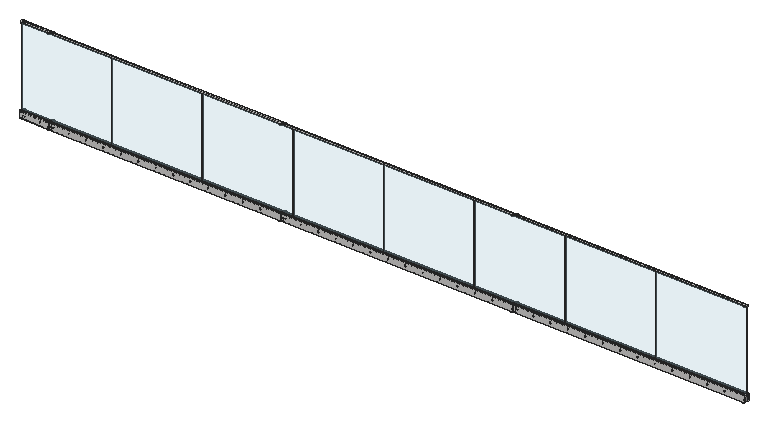
Revit family "34_LB_UNIQ_SB-A1S", category Generic Models, Revit 2016
Family settings
  Part Type = Normal
  Can host rebar = No
  Round Connector Dimension = Use Diameter
  Work Plane-Based = No
  Cut with Voids When Loaded = No
  Shared = No
  Room Calculation Point = No
Parameters (values of type "UNIQ_SB-A1S")
  verplatsing_passtuk [instance] = if(Passtuk_zichtbaar_omgekeerd, 0 mm, 100 mm)  # 0 mm
  Verstelbaar profiel = "nee"
  Uitvoering = "RVS look (standaard) materiaal is geanodiseerd en geschik voor binnen en buitengebruik."
  URL = "https://uniq-balustrades.com/profielen/side-mounted-a-small/uniq-sb-a-1-s/"
  Profiel_zichtbaar_2 [instance] = [built-in parameter 1001306] > 7999 mm  # yes
  Profiel_zichtbaar_1 [instance] = and([built-in parameter 1001306] > 3999 mm, [built-in parameter 1001306] < 8000 mm)  # no
  Profiel_breedte_vast [instance] = 4000 mm  # constant formula
  Passtuk_zichtbaar_omgekeerd [instance] = not(Passtuk_zichtbaar)  # yes
  Passtuk_zichtbaar [instance] = or([built-in parameter 1001306] = 4000 mm, [built-in parameter 1001306] = 8000 mm, [built-in parameter 1001306] = 12000 mm, [built-in parameter 1001306] = 16000 mm, [built-in parameter 1001306] = 20000 mm, [built-in parameter 1001306] = 24000 mm, [built-in parameter 1001306] = 28000 mm, [built-in parameter 1001306] = 32000 mm, [built-in parameter 1001306] = 40000 mm)  # no
  Model = "UNIQ_SB-A1S"
  Materiaal_ribber = Rubber
  Materiaal_profiel = Aluminium
  Materiaal_pakking = Pakking
  Materiaal_glas = Glass
  Materiaal_afdekker = Aluminium
  Manufacturer = "SB Railing"
  built-in parameter 1001306 [instance] = 12500 mm
  Krachten = "Geschikt voor maximaal 1 KN"
  IsExternal [instance] = no
  IfcExportAs = "IfcRailing"
  Hoogte_railing [instance] = 1500 mm
  Hoogte_glas [instance] = Hoogte_railing - 16.2 mm - 21.9 mm  # 1461.9 mm
  Glas_dikte = 21.5 mm
  Gasdiktes = "Geschikt voor 8/8 pvb, 10/10 pvb en 15."
  FireRating [instance] = "0"
  Dikte_glas = 21.5 mm
  Description = "UNIQ SB-A1S | ZIJMONTAGE"
  Cover_front_CF-320 = no
  Cover_front_CF-312 = no
  Cover_front_CF-303 = no
  Cover_front_CF-300 = yes
  Breedte_passtuk [instance] = if([built-in parameter 1001306] > 8000 mm, [built-in parameter 1001306] - (Aantal_profielen * Profiel_breedte_vast), [built-in parameter 1001306] - 4000 mm)  # 500 mm
  Breedte_glasplaten [instance] = ([built-in parameter 1001306] - ((Aantal_glasplaten - 1) * 10 mm)) / Aantal_glasplaten  # 1553.75 mm
  Bovenrailing = yes
  Ber_breedte_passtuk_4 [instance] = if([built-in parameter 1001306] > 4000 mm, Ber_breedte_passtuk_3 - 4 mm, Ber_breedte_passtuk_3)  # 496 mm
  Ber_breedte_passtuk_3 [instance] = if(Passtuk_zichtbaar_omgekeerd, Ber_breedte_passtuk_2, 100 mm)  # 500 mm
  Ber_breedte_passtuk_2 [instance] = if([built-in parameter 1001306] > 4000 mm, Breedte_passtuk, [built-in parameter 1001306])  # 500 mm
  Ber_breedte_passtuk_5 [instance] = if([built-in parameter 1001306] > 8000 mm, Ber_breedte_passtuk_3 - (Aantal_profielen * 4 mm), Ber_breedte_passtuk_4)  # 488 mm
  Assembly Code = "34.11"
  Aantal_profielen [instance] = if([built-in parameter 1001306] < 8000 mm, 2, ([built-in parameter 1001306] / 4000 mm) - 0.5)  # 3
  Aantal_glasplaten [instance] = 8
Reference planes
  plane 1 "Center (Front/Back)": y = 0
  plane 2: z = 0
  plane 3 "Left": x = 0
  plane 4 "Right": x = 12500
  plane 5: through (0, 2, 1219.2) normal (-0.7071, 0.7071, 0)
  plane 6: x = 488
  plane 7: x = 0
  plane 8: x = 4492
  plane 9: x = 492
  plane 10: x = 4496
  plane 11: z = 1500
  plane 12: z = 22.5
Lines and regions (mm)
  reference lines
    curve 1: line (0, 0, 0) -> (12500, 0, 0)
Dimensions and locks
  "built-in parameter 1001306": plane 3 "Left" to plane 4 "Right"
  plane 3 "Left" to plane 4 "Right" = 12500 mm
  "verplatsing_passtuk": plane 7 to plane 3 "Left"
  equal spacing: group 1, group 2, group 3  (x3)
  plane 6 to plane 8 = 4004 mm
  locked: plane 6 to plane 9 at 4
  locked: plane 8 to plane 10 at 4
  "Ber_breedte_passtuk_5": plane 7 to plane 6
  nested 6 to nested 6 = 10 mm
  "Hoogte_railing": plane 11 to level
  plane 12 to level = 22.5 mm  (x2)
  aligned and locked: plane 4 "Right" to curve 1
  aligned and locked: plane 1 "Center (Front/Back)" to curve 1
  aligned and locked: plane 3 "Left" to curve 1
  aligned and locked: level to plane 2
  aligned and locked: nested 1 to level
  aligned and locked: nested 2 to level
  aligned and locked: nested 3 to level
  aligned and locked: plane 7 to nested 2  (x2)
  aligned and locked: plane 1 "Center (Front/Back)" to nested 2
  aligned and locked: plane 1 "Center (Front/Back)" to nested 1
  aligned and locked: plane 1 "Center (Front/Back)" to nested 3
  aligned and locked: nested 4 to level
  aligned and locked: plane 9 to nested 3
  aligned and locked: plane 9 to nested 1
  aligned and locked: plane 10 to nested 4
  aligned and locked: plane 3 "Left" to nested 5
Nested families
  nested 1: "UNIQ_SB-A1S_10.10.4" at (492, 0, 0), Lengte <- "built-in parameter 1001306", Ber_Lengte <- "Profiel_breedte_vast", visible <- "Profiel_zichtbaar_1", Hoogte <- "Hoogte_railing", Bovenrailing <- "Bovenrailing", type "std"
    with Rubber Rubber, Pakking Rubber, Materiaal_profiel Aluminium, Materiaal_afdekker Aluminium, Lengte_schroef 3950 mm, Lengte 12500 mm, Hoogte 1500 mm, HOH_schroef 100 mm, HOH_boorgat_onder 600 mm, HOH_boorgat 300 mm, Bovenrailing yes, Ber_Lengte 4000 mm, Aantal_boorgat_onder 7, Aantal_boorgat 13, Aantal 40
  nested 2: "UNIQ_SB-A1S_10.10.4" at (0, 0, 0), Lengte <- "built-in parameter 1001306", Ber_Lengte <- "Ber_breedte_passtuk_5", visible <- "Passtuk_zichtbaar_omgekeerd", Hoogte <- "Hoogte_railing", Bovenrailing <- "Bovenrailing", type "std"
    with Rubber Rubber, Pakking Rubber, Materiaal_profiel Aluminium, Materiaal_afdekker Aluminium, Lengte_schroef 438 mm, Lengte 12500 mm, Hoogte 1500 mm, HOH_schroef 100 mm, HOH_boorgat_onder 600 mm, HOH_boorgat 300 mm, Bovenrailing yes, Ber_Lengte 488 mm, Aantal_boorgat_onder 2, Aantal_boorgat 2, Aantal 4
  nested 3: "UNIQ_SB-A1S_10.10.4" at (492, 0, 0), Lengte <- "built-in parameter 1001306", Ber_Lengte <- "Profiel_breedte_vast", visible <- "Profiel_zichtbaar_2", Hoogte <- "Hoogte_railing", Bovenrailing <- "Bovenrailing", Materiaal_afdekker <- "Materiaal_afdekker", Materiaal_profiel <- "Materiaal_profiel", Pakking <- "Materiaal_pakking", Rubber <- "Materiaal_ribber", type "std"
    with Rubber Rubber, Pakking Pakking, Materiaal_profiel Aluminium, Materiaal_afdekker Aluminium, Lengte_schroef 3950 mm, Lengte 12500 mm, Hoogte 1500 mm, HOH_schroef 100 mm, HOH_boorgat_onder 600 mm, HOH_boorgat 300 mm, Bovenrailing yes, Ber_Lengte 4000 mm, Aantal_boorgat_onder 7, Aantal_boorgat 13, Aantal 40
  nested 4: "UNIQ_SB-A1S_10.10.4" at (4496, 0, 0), Lengte <- "built-in parameter 1001306", Ber_Lengte <- "Profiel_breedte_vast", visible <- "Profiel_zichtbaar_2", Hoogte <- "Hoogte_railing", Bovenrailing <- "Bovenrailing", Materiaal_afdekker <- "Materiaal_afdekker", Materiaal_profiel <- "Materiaal_profiel", Pakking <- "Materiaal_pakking", Rubber <- "Materiaal_ribber", type "std"
    with Rubber Rubber, Pakking Pakking, Materiaal_profiel Aluminium, Materiaal_afdekker Aluminium, Lengte_schroef 3950 mm, Lengte 12500 mm, Hoogte 1500 mm, HOH_schroef 100 mm, HOH_boorgat_onder 600 mm, HOH_boorgat 300 mm, Bovenrailing yes, Ber_Lengte 4000 mm, Aantal_boorgat_onder 7, Aantal_boorgat 13, Aantal 40
  nested 5: "34_glasplaat_tbv_railing_V2" at (0, -28.77, 22.5), Dikte_glas <- "Dikte_glas", Hoogte_glas <- "Hoogte_glas", Aantal_glasplaten <- "Aantal_glasplaten", Ber_lengte <- "built-in parameter 1001306", type "34_glasplaat_tbv_railing_V2"
    with Lengte 12510 mm, Hoogte_glas 1461.9 mm, Dikte_glas 21.5 mm, Breedte_glasplaat 1563.75 mm, Ber_lengte 12500 mm, Aantal_glasplaten 8
  nested 6: "34_glasplaat" at (10936.25, -28.77, 22.5), type "34_glasplaat"
    with Lengte 1563.75 mm, Hoogte 1461.9 mm, Glas_dikte 21.5 mm, Glas_breedte 1553.75 mm, Glas Glass
  nested 7: "34_glasplaat" at (-10, -28.77, 22.5), type "34_glasplaat"
    with Lengte 1563.75 mm, Hoogte 1461.9 mm, Glas_dikte 21.5 mm, Glas_breedte 1553.75 mm, Glas Glass
  nested 8: "34_glasplaat" at (9372.5, -28.77, 22.5), type "34_glasplaat"
    with Lengte 1563.75 mm, Hoogte 1461.9 mm, Glas_dikte 21.5 mm, Glas_breedte 1553.75 mm, Glas Glass
  nested 9: "34_glasplaat" at (7808.75, -28.77, 22.5), type "34_glasplaat"
    with Lengte 1563.75 mm, Hoogte 1461.9 mm, Glas_dikte 21.5 mm, Glas_breedte 1553.75 mm, Glas Glass
  nested 10: "34_glasplaat" at (6245, -28.77, 22.5), type "34_glasplaat"
    with Lengte 1563.75 mm, Hoogte 1461.9 mm, Glas_dikte 21.5 mm, Glas_breedte 1553.75 mm, Glas Glass
  nested 11: "34_glasplaat" at (4681.25, -28.77, 22.5), type "34_glasplaat"
    with Lengte 1563.75 mm, Hoogte 1461.9 mm, Glas_dikte 21.5 mm, Glas_breedte 1553.75 mm, Glas Glass
  nested 12: "34_glasplaat" at (3117.5, -28.77, 22.5), type "34_glasplaat"
    with Lengte 1563.75 mm, Hoogte 1461.9 mm, Glas_dikte 21.5 mm, Glas_breedte 1553.75 mm, Glas Glass
  nested 13: "34_glasplaat" at (1553.75, -28.77, 22.5), type "34_glasplaat"
    with Lengte 1563.75 mm, Hoogte 1461.9 mm, Glas_dikte 21.5 mm, Glas_breedte 1553.75 mm, Glas Glass
  nested 14: "UNIQ_SB-A1S_10.10.4" at (8500, 0, 0), Lengte <- "built-in parameter 1001306", Ber_Lengte <- "Profiel_breedte_vast", visible <- "Profiel_zichtbaar_2", Hoogte <- "Hoogte_railing", Bovenrailing <- "Bovenrailing", Materiaal_afdekker <- "Materiaal_afdekker", Materiaal_profiel <- "Materiaal_profiel", Pakking <- "Materiaal_pakking", Rubber <- "Materiaal_ribber", type "std"
    with Rubber Rubber, Pakking Pakking, Materiaal_profiel Aluminium, Materiaal_afdekker Aluminium, Lengte_schroef 3950 mm, Lengte 12500 mm, Hoogte 1500 mm, HOH_schroef 100 mm, HOH_boorgat_onder 600 mm, HOH_boorgat 300 mm, Bovenrailing yes, Ber_Lengte 4000 mm, Aantal_boorgat_onder 7, Aantal_boorgat 13, Aantal 40
Definition of nested family "UNIQ_SB-A1S_10.10.4"
  Parameters (values of type "std")
    Rubber [instance] = none
    Pakking [instance] = none
    Materiaal_profiel [instance] = none
    Materiaal_afdekker [instance] = none
    Lengte_schroef [instance] = Ber_Lengte - 50 mm  # 1200 mm
    Lengte [instance] = 1250 mm
    Hoogte [instance] = 1200 mm
    HOH_schroef [instance] = if(Ber_Lengte > 200 mm, 100 mm, 20 mm)  # 100 mm
    HOH_boorgat_onder [instance] = 600 mm
    HOH_boorgat [instance] = 300 mm
    Cover_front_CF-320 = no
    Cover_front_CF-312 = no
    Cover_front_CF-303 = no
    Cover_front_CF-300 = yes
    Bovenrailing [instance] = yes
    Ber_Lengte [instance] = 1250 mm
    Aantal_boorgat_onder [instance] = if(Ber_Lengte > 900 mm, Ber_Lengte / HOH_boorgat_onder, 2)  # 2
    Aantal_boorgat [instance] = if(Ber_Lengte > 450 mm, Ber_Lengte / HOH_boorgat, 2)  # 4
    Aantal [instance] = Lengte_schroef / HOH_schroef  # 12
  Reference planes
    plane 1 "Center (Front/Back)": y = 0
    plane 2: z = 0
    plane 3 "Center (Left/Right)": x = 0
    plane 4: x = 1250
    plane 5: x = 50
    plane 6: y = 15.517
    plane 7: x = 200
    plane 8: x = 1254
    plane 9: z = 1200
    plane 10: z = 1181.136
  Forms (mm)
    Sweep 1, solid, material <- "Materiaal_profiel"
      path origin (0, -19, 0) x (1, 0, 0) y (0, 1, 0)
        loop
          line (0, 0) -> (1250, 0)
      profile "Profiel_SB-A1S : Profiel_SB-A2" origin (625, -19, 0) x (0, 1, 0) y (0, 0, 1)
        loop
          arc (19.001, 0.063) -> (20.468, -1.5) -> (22, 0) r 1.5
          line (22, 0) -> (22, 40.994) -> (22, 100.124) -> (12.879, 125.184)
          arc (12.879, 125.184) -> (12.147, 126.138) -> (11, 126.5) r 2
          line (11, 126.5) -> (9.5, 126.5) -> (9.5, 123.5) -> (8.1, 123.5) -> (8.1, 126.5) -> (4.6, 126.5) -> (4.6, 115.5) -> (2, 115.5) -> (2, 39.939) -> (2, 21.5) -> (-13.653, 21.5) -> (-27, 21.5) -> (-32.627, 42.5) -> (-37, 42.5) -> (-37, 56.5) -> (-37, 82.5) -> (-39, 84.5) -> (-39, 115.5) -> (-40.6, 115.5) -> (-40.6, 126.5) -> (-42.1, 126.5) -> (-42.1, 123.5) -> (-43.5, 123.5) -> (-43.5, 126.5) -> (-45, 126.5) -> (-45, 2.478)
          arc (-45, 2.478) -> (-44.715, 1.779) -> (-44.022, 1.478) r 1
          line (-44.022, 1.478) -> (19.001, 0.063)
    Sweep 2, solid, material <- "Pakking"
      path origin (0, -639, 0) x (1, 0, 0) y (0, 1, 0)
        loop
          line (0, 620) -> (1250, 620)
      profile "Rubber_onder_SB-A1S : Rubber_onder" origin (625, -19, 0) x (0, 1, 0) y (0, 0, 1)
        loop
          line (2, 22.5) -> (-22.52, 22.5) -> (-22.52, 21.5) -> (2, 21.5) -> (2, 22.5)
    Sweep 3, solid, material <- "Pakking"
      path origin (0, -899, 0) x (1, 0, 0) y (0, 1, 0)
        loop
          line (0, 880) -> (1250, 880)
      profile "Rubber_voor_SB-A1S : Rubber_voor" origin (625, -19, 0) x (0, 1, 0) y (0, 0, 1)
        loop
          line (2, 126.5) -> (1, 126.5) -> (1, 22.5) -> (2, 22.5) -> (2, 126.5)
    Sweep 4, solid
      path origin (0, -1119, 0) x (1, 0, 0) y (0, 1, 0)
        loop
          line (0, 1100) -> (1250, 1100)
      profile "Stelprofiel_01_SB-A1S : Stelprofiel_01" origin (625, -19, 0) x (0, 1, 0) y (0, 0, 1)
        loop
          line (-28.767, 28.029) -> (-23.02, 28.029)
          arc (-23.02, 28.029) -> (-22.666, 28.175) -> (-22.52, 28.529) r 0.5
          line (-22.52, 28.529) -> (-22.52, 113.029) -> (-29.02, 113.029)
          arc (-29.02, 113.029) -> (-29.374, 112.882) -> (-29.52, 112.529) r 0.5
          line (-29.52, 112.529) -> (-29.52, 110.529)
          arc (-29.52, 110.529) -> (-29.666, 110.175) -> (-30.02, 110.029) r 0.5
          line (-30.02, 110.029) -> (-31.52, 110.029)
          arc (-31.52, 110.029) -> (-31.874, 109.882) -> (-32.02, 109.529) r 0.5
          line (-32.02, 109.529) -> (-32.02, 94.529)
          arc (-32.02, 94.529) -> (-31.874, 94.175) -> (-31.52, 94.029) r 0.5
          line (-31.52, 94.029) -> (-29.52, 94.029) -> (-29.52, 92.029) -> (-27.519, 38.006) -> (-27.519, 35.529) -> (-30.777, 35.529) -> (-28.767, 28.029)
    Sweep 5, solid, material <- "Materiaal_afdekker"
      path origin (0, -2079, 0) x (1, 0, 0) y (0, 1, 0)
        loop
          line (0, 2060) -> (1250, 2060)
      profile "Afdekker_achter_01_SB-A1S : Afdekker_achter_01" origin (625, -19, 0) x (0, 1, 0) y (0, 0, 1)
        loop
          line (-45, 127.8) -> (-45, 126.5) -> (-43.5, 126.5) -> (-43.5, 123.5) -> (-42.1, 123.5) -> (-42.1, 126.5) -> (-40.6, 126.5) -> (-40.6, 115.5) -> (-39, 115.5) -> (-39, 126.7) -> (-33.1, 126.7) -> (-33.1, 119.6) -> (-23.989, 119.6) -> (-23.989, 120.7) -> (-32, 120.7) -> (-32, 126.7) -> (-23.989, 126.7) -> (-23.989, 127.8) -> (-45, 127.8)
    Sweep 6, solid, material <- "Rubber"
      path origin (0, -1359, 0) x (1, 0, 0) y (0, 1, 0)
        loop
          line (0, 1340) -> (1250, 1340)
      profile "Afdekker_achter_02_SB-A1S : Afdekker_achter_02" origin (625, -19, 0) x (0, 1, 0) y (0, 0, 1)
        loop
          line (-23.234, 121.595) -> (-20.567, 130.23) -> (-20.567, 131.23) -> (-21.567, 131.23) -> (-23.204, 126.7) -> (-30.09, 126.7) -> (-32, 125.466) -> (-32, 121.934) -> (-30.09, 120.7) -> (-23.236, 120.7) -> (-23.234, 121.595)
    Sweep 7, solid, not visible
      path origin (-1900, -1400, 0) x (1, 0, 0) y (0, 1, 0)
        loop
          line (621, 1400) -> (629, 1400)
      profile "Stelprofiel_02 : Stelprofiel_02" origin (-1275, 0, 0) x (0, 1, 0) y (0, 0, 1)
        loop
          line (9, 166.532) -> (13.74, 166.532) -> (13.74, 174.532) -> (9, 174.532) -> (9, 166.532)
    Sweep 8, solid, not visible
      path origin (-1900, -1680, 0) x (1, 0, 0) y (0, 1, 0)
        loop
          line (617.493, 1680) -> (632.507, 1680)
      profile "Stelprofiel_03 : Stelprofiel_03" origin (-1275, 0, 0) x (0, 1, 0) y (0, 0, 1)
        loop
          line (9, 163.024) -> (9, 178.039) -> (6.758, 178.039) -> (6, 176.096) -> (6, 164.966) -> (6.757, 163.024) -> (9, 163.024)
    Extrusion 9, void, not visible
      sketch origin (-1279, 13.74, 174.532) x (-1, 0, 0) y (0, 0, -1)
        loop
          line (-9, 9) -> (-9, -1) -> (1, -1) -> (1, 9) -> (-9, 9)
        loop
          circle (-4, 4) r 4
      from -7.62 to 4.74
    Extrusion 10, void, not visible
      sketch origin (-1279, 13.74, 174.532) x (-1, 0, 0) y (0, 0, -1)
        loop
          line (-12.507, -4.507) -> (4.507, -4.507) -> (4.507, 12.507) -> (-12.507, 12.507) -> (-12.507, -4.507)
        loop
          line (-6.507, 11.507) -> (-11.507, 6.507) -> (-11.507, 1.493) -> (-6.507, -3.507) -> (-1.493, -3.507) -> (3.507, 1.493) -> (3.507, 6.507) -> (-1.493, 11.507) -> (-6.507, 11.507)
      from 4.74 to 9.74
    Sweep 11, solid, not visible
      path origin (-1900, -1400, 0) x (1, 0, 0) y (0, 1, 0)
        loop
          line (621, 1400) -> (629, 1400)
      profile "Stelprofiel_02 : Stelprofiel_02" origin (-1275, 0, 0) x (0, 1, 0) y (0, 0, 1)
        loop
          line (9, 166.532) -> (13.74, 166.532) -> (13.74, 174.532) -> (9, 174.532) -> (9, 166.532)
    Sweep 12, solid, not visible
      path origin (-1900, -1680, 0) x (1, 0, 0) y (0, 1, 0)
        loop
          line (617.493, 1680) -> (632.507, 1680)
      profile "Stelprofiel_03 : Stelprofiel_03" origin (-1275, 0, 0) x (0, 1, 0) y (0, 0, 1)
        loop
          line (9, 163.024) -> (9, 178.039) -> (6.758, 178.039) -> (6, 176.096) -> (6, 164.966) -> (6.757, 163.024) -> (9, 163.024)
    Extrusion 13, void, not visible
      sketch origin (-1279, 13.74, 174.532) x (-1, 0, 0) y (0, 0, -1)
        loop
          line (-9, 9) -> (-9, -1) -> (1, -1) -> (1, 9) -> (-9, 9)
        loop
          circle (-4, 4) r 4
      from -7.62 to 4.74
    Extrusion 14, void, not visible
      sketch origin (-1279, 13.74, 174.532) x (-1, 0, 0) y (0, 0, -1)
        loop
          line (-12.507, -4.507) -> (4.507, -4.507) -> (4.507, 12.507) -> (-12.507, 12.507) -> (-12.507, -4.507)
        loop
          line (-6.507, 11.507) -> (-11.507, 6.507) -> (-11.507, 1.493) -> (-6.507, -3.507) -> (-1.493, -3.507) -> (3.507, 1.493) -> (3.507, 6.507) -> (-1.493, 11.507) -> (-6.507, 11.507)
      from 4.74 to 9.74
    Extrusion 15, void
      sketch origin (162.168, -67.881, -30) x (1, 0, 0) y (0, 0, 1)
        loop
          arc (-117.168, 93.5) -> (-124.168, 86.5) -> (-117.168, 79.5) r 7
          line (-117.168, 79.5) -> (-107.168, 79.5)
          arc (-107.168, 79.5) -> (-100.168, 86.5) -> (-107.168, 93.5) r 7
          line (-107.168, 93.5) -> (-117.168, 93.5)
      from -11.881 to -3.881
    Extrusion 16, void, not visible
      sketch origin (210, -48.881, -30) x (1, 0, 0) y (0, 0, 1)
        loop
          arc (-117.168, 93.5) -> (-124.168, 86.5) -> (-117.168, 79.5) r 7
          line (-117.168, 79.5) -> (-107.168, 79.5)
          arc (-107.168, 79.5) -> (-100.168, 86.5) -> (-107.168, 93.5) r 7
          line (-107.168, 93.5) -> (-117.168, 93.5)
      from -11.881 to -3.881
    Extrusion 17, void
      sketch origin (462.168, -67.881, -30) x (1, 0, 0) y (0, 0, 1)
        loop
          arc (-117.168, 93.5) -> (-124.168, 86.5) -> (-117.168, 79.5) r 7
          line (-117.168, 79.5) -> (-107.168, 79.5)
          arc (-107.168, 79.5) -> (-100.168, 86.5) -> (-107.168, 93.5) r 7
          line (-107.168, 93.5) -> (-117.168, 93.5)
      from -11.881 to -3.881
    Extrusion 18, void, not visible
      sketch origin (274.606, 0, 3.257) x (1, 0, 0) y (0, 0, 1)
        loop
          arc (-80.606, -9.257) -> (-84.848, -11.014) -> (-86.606, -15.257) r 6
          arc (-86.606, -15.257) -> (-84.848, -19.499) -> (-80.606, -21.257) r 6
          line (-80.606, -21.257) -> (-68.606, -21.257)
          arc (-68.606, -21.257) -> (-64.363, -19.499) -> (-62.606, -15.257) r 6
          arc (-62.606, -15.257) -> (-64.363, -11.014) -> (-68.606, -9.257) r 6
          line (-68.606, -9.257) -> (-80.606, -9.257)
      from -27 to -19
    Extrusion 19, void
      sketch origin (762.168, -67.881, -30) x (1, 0, 0) y (0, 0, 1)
        loop
          arc (-117.168, 93.5) -> (-124.168, 86.5) -> (-117.168, 79.5) r 7
          line (-117.168, 79.5) -> (-107.168, 79.5)
          arc (-107.168, 79.5) -> (-100.168, 86.5) -> (-107.168, 93.5) r 7
          line (-107.168, 93.5) -> (-117.168, 93.5)
      from -11.881 to -3.881
    Extrusion 20, void
      sketch origin (1062.168, -67.881, -30) x (1, 0, 0) y (0, 0, 1)
        loop
          arc (-117.168, 93.5) -> (-124.168, 86.5) -> (-117.168, 79.5) r 7
          line (-117.168, 79.5) -> (-107.168, 79.5)
          arc (-107.168, 79.5) -> (-100.168, 86.5) -> (-107.168, 93.5) r 7
          line (-107.168, 93.5) -> (-117.168, 93.5)
      from -11.881 to -3.881
    Extrusion 21, solid, material <- "Materiaal_afdekker", visible <- "Bovenrailing"
      sketch origin (0, 14.64, 0) x (0, 1, 0) y (0, 0, 1)
        loop
          arc (-56.9, 1166.63) -> (-43.4, 1199) -> (-29.9, 1166.63) r 19
          line (-29.9, 1166.63) -> (-29.9, 1188.388) -> (-56.9, 1188.388) -> (-56.9, 1166.63)
        loop
          arc (-29.189, 1165.927) -> (-30.28, 1165.705) -> (-30.9, 1166.63) r 1
          line (-30.9, 1166.63) -> (-30.9, 1187.388) -> (-55.9, 1187.388) -> (-55.9, 1166.63)
          arc (-55.9, 1166.63) -> (-56.519, 1165.705) -> (-57.61, 1165.927) r 1
          arc (-57.61, 1165.927) -> (-43.4, 1200) -> (-29.189, 1165.927) r 20
      from 0 to 1250
    Extrusion 22, solid, material <- "Rubber", visible <- "Bovenrailing"
      sketch origin (0, 14.64, -4.375) x (0, 1, 0) y (0, 0, 1)
        loop
          line (-54.16, 1188.763) -> (-32.64, 1188.763) -> (-32.64, 1168.715) -> (-30.9, 1170.455) -> (-30.9, 1190.263)
          arc (-30.9, 1190.263) -> (-31.339, 1191.323) -> (-32.4, 1191.763) r 1.5
          line (-32.4, 1191.763) -> (-35.9, 1191.763) -> (-36.96, 1190.702) -> (-49.839, 1190.702) -> (-50.9, 1191.763) -> (-54.4, 1191.763)
          arc (-54.4, 1191.763) -> (-55.46, 1191.323) -> (-55.9, 1190.263) r 1.5
          line (-55.9, 1190.263) -> (-55.9, 1170.455) -> (-54.16, 1168.715) -> (-54.16, 1188.763)
        loop
          line (-50.248, 1189.904) -> (-51.607, 1191.263) -> (-53.16, 1191.263)
          arc (-53.16, 1191.263) -> (-53.984, 1190.829) -> (-54.093, 1189.904) r 1
          line (-54.093, 1189.904) -> (-50.248, 1189.904)
        loop
          arc (-32.706, 1189.904) -> (-32.815, 1190.829) -> (-33.64, 1191.263) r 1
          line (-33.64, 1191.263) -> (-35.193, 1191.263) -> (-36.551, 1189.904) -> (-32.706, 1189.904)
      from 0 to 1250
    Sweep 23, solid, material <- "Pakking"
      path origin (0, -899, 0) x (1, 0, 0) y (0, 1, 0)
        loop
          line (0, 880) -> (1250, 880)
      profile "Rubber_achter_SB-A1S : Rubber_voor" origin (625, -19, 0) x (0, 1, 0) y (0, 0, 1)
        loop
          line (-20.52, 117.5) -> (-22.52, 117.5) -> (-22.52, 22.5) -> (-20.52, 22.5) -> (-20.52, 117.5)
  Cuts and joins
    Extrusion 15, Extrusion 17, Extrusion 19, Extrusion 20 cuts Sweep 1
  Lines and regions (mm)
    model lines, not visible
      curve 1: circle (-1275, 13.74, 170.532) r 4 normal (0, 1, 0)
      curve 2: circle (-1275, 13.74, 170.532) r 4 normal (0, 1, 0)
      curve 3: line (-1275, 9, 0) -> (-1275, 13.74, 0)
      curve 5: line (97.832, 0, 50) -> (97.832, 0, 62)
      curve 7: line (200, 0, -18) -> (200, 0, -6)
    model lines
      curve 4: line (50, -19, 50) -> (50, -19, 62)
      curve 6: line (350, -19, 50) -> (350, -19, 62)
      curve 8: line (650, -19, 50) -> (650, -19, 62)
      curve 9: line (950, -19, 50) -> (950, -19, 62)
  Dimensions and locks
    "Ber_Lengte": plane 3 "Center (Left/Right)" to plane 4
    "Lengte_schroef": plane 5 to plane 4
    equal spacing: group 3, group 5, group 12, group 13  (x3)
    plane 7 to plane 3 "Center (Left/Right)" = 200 mm  (x2)
    plane 5 to plane 3 "Center (Left/Right)" = 50 mm  (x2)
    equal spacing: group 7, group 8, group 9, group 10, group 11, group 14, group 15, group 16, group 17, group 18, group 19, group 20  (x3)
    plane 3 "Center (Left/Right)" to plane 4 = 1250 mm
    locked: plane 4 to plane 8 at 4
    "Hoogte": plane 9 to level
    locked: plane 9 to plane 10 at 18.864
    aligned and locked: level to plane 2
    aligned and locked: plane 4 to Sweep 1 sketch curve
    aligned and locked: plane 3 "Center (Left/Right)" to Sweep 1 sketch curve
    aligned and locked: plane 4 to Sweep 2 sketch curve
    aligned and locked: plane 3 "Center (Left/Right)" to Sweep 2 sketch curve
    aligned and locked: plane 3 "Center (Left/Right)" to Sweep 3 sketch curve
    aligned and locked: plane 4 to Sweep 3 sketch curve
    aligned and locked: plane 3 "Center (Left/Right)" to Sweep 4 sketch curve
    aligned and locked: plane 4 to Sweep 4 sketch curve
    aligned and locked: plane 3 "Center (Left/Right)" to Sweep 5 sketch curve
    aligned and locked: plane 4 to Sweep 5 sketch curve
    aligned and locked: plane 3 "Center (Left/Right)" to Sweep 6 sketch curve
    aligned and locked: plane 4 to Sweep 6 sketch curve
    aligned and locked: curve 4 to plane 5
    aligned and locked: plane 5 to nested 1
    aligned and locked: plane 3 "Center (Left/Right)" to nested 13
    aligned and locked: plane 1 "Center (Front/Back)" to nested 13
    aligned and locked: plane 3 "Center (Left/Right)" to nested 14
    aligned and locked: plane 1 "Center (Front/Back)" to nested 14
    aligned and locked: plane 3 "Center (Left/Right)" to nested 15
    aligned and locked: plane 1 "Center (Front/Back)" to nested 15
    aligned and locked: plane 1 "Center (Front/Back)" to nested 16
    aligned and locked: plane 4 to Extrusion 21
    aligned and locked: plane 4 to Extrusion 22
    aligned and locked: plane 4 to Sweep 23 sketch curve
    aligned and locked: plane 3 "Center (Left/Right)" to Sweep 23 sketch curve
  Automatic sketch dimensions
    Sweep 8 sketch curve to Sweep 8 sketch curve = 15.015 mm
    Sweep 7 to Extrusion 9 sketch curve = 1 mm  (x2)
    Extrusion 9 sketch curve to Sweep 7 = 4 mm
    Extrusion 9 sketch curve to Sweep 7 = 1 mm  (x2)
    Sweep 7 to Extrusion 9 sketch curve = 4 mm
    Sweep 7 to Extrusion 10 sketch curve = 4.507 mm  (x2)
    Sweep 7 to Extrusion 10 sketch curve = 1.493 mm  (x4)
    Sweep 7 to Extrusion 10 sketch curve = 3.507 mm  (x2)
    Extrusion 10 sketch curve to Sweep 7 = 1.493 mm  (x4)
    Extrusion 10 sketch curve to Sweep 7 = 3.507 mm  (x2)
    Extrusion 10 sketch curve to Sweep 7 = 4.507 mm  (x2)
    Sweep 7 sketch curve to Sweep 7 sketch curve = 8 mm
    Sweep 12 sketch curve to Sweep 12 sketch curve = 15.015 mm
    Sweep 11 to Extrusion 13 sketch curve = 1 mm  (x2)
    Extrusion 13 sketch curve to Sweep 11 = 4 mm
    Extrusion 13 sketch curve to Sweep 11 = 1 mm  (x2)
    Sweep 11 to Extrusion 13 sketch curve = 4 mm
    Sweep 11 to Extrusion 14 sketch curve = 4.507 mm  (x2)
    Sweep 11 to Extrusion 14 sketch curve = 1.493 mm  (x4)
    Sweep 11 to Extrusion 14 sketch curve = 3.507 mm  (x2)
    Extrusion 14 sketch curve to Sweep 11 = 1.493 mm  (x4)
    Extrusion 14 sketch curve to Sweep 11 = 3.507 mm  (x2)
    Extrusion 14 sketch curve to Sweep 11 = 4.507 mm  (x2)
    Sweep 11 sketch curve to Sweep 11 sketch curve = 8 mm
    curve 3 to curve 3 = 4.74 mm
    Extrusion 18 sketch curve to Extrusion 18 sketch curve = 0 mm  (x6)
    Extrusion 18 sketch curve to Extrusion 18 sketch curve = 12 mm
    Extrusion 18 sketch curve to Extrusion 18 sketch curve = 6 mm
    curve 4 to curve 4 = 12 mm
    curve 5 to curve 5 = 12 mm
    curve 6 to curve 6 = 12 mm
    curve 7 to curve 7 = 12 mm
    curve 8 to curve 8 = 12 mm
    curve 9 to curve 9 = 12 mm
    Extrusion 15 sketch curve to Extrusion 15 sketch curve = 10 mm
    Extrusion 15 sketch curve to Extrusion 15 sketch curve = 7 mm
    Extrusion 16 sketch curve to Extrusion 16 sketch curve = 10 mm
    Extrusion 16 sketch curve to Extrusion 16 sketch curve = 7 mm
    Extrusion 17 sketch curve to Extrusion 17 sketch curve = 10 mm
    Extrusion 17 sketch curve to Extrusion 17 sketch curve = 7 mm
    Extrusion 19 sketch curve to Extrusion 19 sketch curve = 10 mm
    Extrusion 19 sketch curve to Extrusion 19 sketch curve = 7 mm
    Extrusion 20 sketch curve to Extrusion 20 sketch curve = 10 mm
    Extrusion 20 sketch curve to Extrusion 20 sketch curve = 7 mm
    plane 1 "Center (Front/Back)" to Sweep 1 sketch curve = 19 mm
    plane 1 "Center (Front/Back)" to Sweep 2 sketch curve = 19 mm
    plane 1 "Center (Front/Back)" to Sweep 3 sketch curve = 19 mm
    plane 1 "Center (Front/Back)" to Sweep 4 sketch curve = 19 mm
    plane 1 "Center (Front/Back)" to Sweep 5 sketch curve = 19 mm
    plane 1 "Center (Front/Back)" to Sweep 6 sketch curve = 19 mm
    plane 1 "Center (Front/Back)" to Sweep 23 sketch curve = 19 mm
    Extrusion 21 sketch curve to Extrusion 21 sketch curve = 0 mm  (x7)
    plane 1 "Center (Front/Back)" to Extrusion 21 sketch curve = 42.26 mm
    Extrusion 21 sketch curve to Extrusion 21 sketch curve = 1 mm  (x3)
    Extrusion 21 sketch curve to Extrusion 21 sketch curve = 12.5 mm  (x2)
    Extrusion 21 sketch curve to plane 10 = 1.136 mm
    Extrusion 21 sketch curve to Extrusion 21 sketch curve = 13.37 mm
    plane 10 to Extrusion 21 sketch curve = 6.251 mm
    plane 1 "Center (Front/Back)" to Extrusion 22 sketch curve = 41.26 mm
    Extrusion 22 sketch curve to Extrusion 22 sketch curve = 1.5 mm
    Extrusion 22 sketch curve to Extrusion 22 sketch curve = 0.307 mm  (x2)
    Extrusion 22 sketch curve to Extrusion 22 sketch curve = 1.24 mm
    Extrusion 22 sketch curve to Extrusion 22 sketch curve = 1.74 mm  (x4)
    Extrusion 22 sketch curve to Extrusion 22 sketch curve = 1.553 mm  (x2)
    Extrusion 22 sketch curve to Extrusion 22 sketch curve = 0.707 mm  (x2)
    Extrusion 22 sketch curve to Extrusion 22 sketch curve = 3.912 mm
    Extrusion 22 sketch curve to Extrusion 22 sketch curve = 0.409 mm  (x2)
    Extrusion 22 sketch curve to Extrusion 22 sketch curve = 12.879 mm
    Extrusion 22 sketch curve to Extrusion 22 sketch curve = 1.061 mm  (x2)
    Extrusion 22 sketch curve to Extrusion 22 sketch curve = 21.52 mm
    Extrusion 22 sketch curve to Extrusion 22 sketch curve = 0.933 mm
    plane 10 to Extrusion 22 sketch curve = 6.251 mm
    Extrusion 22 sketch curve to Extrusion 22 sketch curve = 0 mm
    Extrusion 22 sketch curve to Extrusion 22 sketch curve = 0.5 mm  (x2)
    Extrusion 22 sketch curve to Extrusion 22 sketch curve = 1 mm  (x2)
    Extrusion 22 sketch curve to Extrusion 22 sketch curve = 1.141 mm
    Extrusion 22 sketch curve to Extrusion 22 sketch curve = 18.307 mm  (x2)
    radius of Extrusion 9 sketch curve = 4 mm
    radius of Extrusion 13 sketch curve = 4 mm
  Nested families
    nested 1: "06_Stelprofiel_04_SCHROEF_SB-A1S" at (42.5, 0, 0), type "06_Stelprofiel_04_SCHROEF"
    nested 2: "06_Stelprofiel_04_SCHROEF_SB-A1S" at (142.5, 0, 0), type "06_Stelprofiel_04_SCHROEF"
    nested 3: "06_Stelprofiel_04_SCHROEF_SB-A1S" at (242.5, 0, 0), type "06_Stelprofiel_04_SCHROEF"
    nested 4: "06_Stelprofiel_04_SCHROEF_SB-A1S" at (342.5, 0, 0), type "06_Stelprofiel_04_SCHROEF"
    nested 5: "06_Stelprofiel_04_SCHROEF_SB-A1S" at (442.5, 0, 0), type "06_Stelprofiel_04_SCHROEF"
    nested 6: "06_Stelprofiel_04_SCHROEF_SB-A1S" at (542.5, 0, 0), type "06_Stelprofiel_04_SCHROEF"
    nested 7: "06_Stelprofiel_04_SCHROEF_SB-A1S" at (642.5, 0, 0), type "06_Stelprofiel_04_SCHROEF"
    nested 8: "06_Stelprofiel_04_SCHROEF_SB-A1S" at (742.5, 0, 0), type "06_Stelprofiel_04_SCHROEF"
    nested 9: "06_Stelprofiel_04_SCHROEF_SB-A1S" at (842.5, 0, 0), type "06_Stelprofiel_04_SCHROEF"
    nested 10: "06_Stelprofiel_04_SCHROEF_SB-A1S" at (942.5, 0, 0), type "06_Stelprofiel_04_SCHROEF"
    nested 11: "06_Stelprofiel_04_SCHROEF_SB-A1S" at (1042.5, 0, 0), type "06_Stelprofiel_04_SCHROEF"
    nested 12: "06_Stelprofiel_04_SCHROEF_SB-A1S" at (1142.5, 0, 0), type "06_Stelprofiel_04_SCHROEF"
    nested 13: "Cover_front_CF-303_SB-A1S" at (0, 0, 0), Lengte <- "Ber_Lengte", visible <- "Cover_front_CF-303", Materiaal <- "Materiaal_afdekker", type "std"
      with Materiaal none, Lengte 1250 mm
    nested 14: "Cover_front_CF-312_SB-A1S" at (0, 0, 0), Lengte <- "Ber_Lengte", visible <- "Cover_front_CF-312", Materiaal <- "Materiaal_afdekker", type "std"
      with Materiaal none, Lengte 1250 mm
    nested 15: "Cover_front_CF-320_SB-A1S" at (0, 0, 0), Lengte <- "Ber_Lengte", visible <- "Cover_front_CF-320", Materiaal <- "Materiaal_afdekker", type "std"
      with Materiaal none, Lengte 1250 mm
    nested 16: "Cover_front_CF-300_SB-A1S" at (0, 0, 0), Lengte <- "Ber_Lengte", visible <- "Cover_front_CF-300", Materiaal <- "Materiaal_afdekker", type "std"
      with Materiaal none, Lengte 1250 mm
  Definition of nested family "06_Stelprofiel_04_SCHROEF_SB-A1S"
    Reference planes
      plane 1 "Center (Front/Back)": y = 0
      plane 2: z = 0
      plane 3 "Center (Left/Right)": x = 0
    Forms (mm)
      Extrusion 1, solid
        sketch origin (0, -52.02, -68.472) x (1, 0, 0) y (0, 0, 1)
          loop
            circle (7.504, 170.535) r 3.996
        from -1 to 2.98
      Sweep 2, solid
        path origin (0, -45, -68.472) x (1, 0, 0) y (0, 1, 0)
          loop
            line (0, 0) -> (15, 0)
        profile "06_Stelprofiel_03 : 06_Stelprofiel_03" origin (7.5, -45, -68.472) x (0, 1, 0) y (0, 0, 1)
          loop
            line (-12.243, 163.024) -> (-10, 163.024) -> (-10, 178.038) -> (-12.242, 178.038) -> (-13, 176.096) -> (-13, 164.966) -> (-12.243, 163.024)
      Extrusion 3, void
        sketch origin (0, -50.26, -68.472) x (1, 0, 0) y (0, 0, 1)
          loop
            line (16, 179.038) -> (-1, 179.038) -> (-1, 162.024) -> (16, 162.024) -> (16, 179.038)
          loop
            line (15, 173.038) -> (10, 178.038) -> (5, 178.038) -> (0, 173.038) -> (0, 168.024) -> (5, 163.024) -> (10, 163.024) -> (15, 168.024) -> (15, 173.038)
        from 4.74 to 7.74
      Extrusion 4, solid, not visible
        sketch origin (0, -52.02, -68.472) x (1, 0, 0) y (0, 0, 1)
          loop
            circle (7.504, 170.535) r 3.996
        from -1 to 2.98
      Sweep 5, solid, not visible
        path origin (0, -45, -68.472) x (1, 0, 0) y (0, 1, 0)
          loop
            line (0, 0) -> (15, 0)
        profile "06_Stelprofiel_03 : 06_Stelprofiel_03" origin (7.5, -45, -68.472) x (0, 1, 0) y (0, 0, 1)
          loop
            line (-12.243, 163.024) -> (-10, 163.024) -> (-10, 178.038) -> (-12.242, 178.038) -> (-13, 176.096) -> (-13, 164.966) -> (-12.243, 163.024)
      Extrusion 6, void, not visible
        sketch origin (0, -50.26, -68.472) x (1, 0, 0) y (0, 0, 1)
          loop
            line (16, 179.038) -> (-1, 179.038) -> (-1, 162.024) -> (16, 162.024) -> (16, 179.038)
          loop
            line (15, 173.038) -> (10, 178.038) -> (5, 178.038) -> (0, 173.038) -> (0, 168.024) -> (5, 163.024) -> (10, 163.024) -> (15, 168.024) -> (15, 173.038)
        from 4.74 to 7.74
    Cuts and joins
      Extrusion 3 cuts Sweep 2
    Lines and regions (mm)
      model lines
        curve 1: line (7.5, -4.74, 0) -> (7.5, 0, 0)
      model lines, not visible
        curve 2: line (7.5, -4.74, 0) -> (7.5, 0, 0)
    Dimensions and locks
      aligned and locked: level to plane 2
  Definition of nested family "Cover_front_CF-303_SB-A1S"
    Parameters (values of type "std")
      Materiaal [instance] = none
      Lengte [instance] = 1828.168 mm
    Reference planes
      plane 1 "Center (Front/Back)": y = 0
      plane 2: z = 0
      plane 3 "Center (Left/Right)": x = 0
      plane 4: x = 1828.168
    Forms (mm)
      Sweep 1, solid, material <- "Materiaal"
        path origin (0, 0, 0) x (1, 0, 0) y (0, 1, 0)
          loop
            line (0, 0) -> (1828.168, 0)
        profile "Afdekker_voor_CF-303_SB-A1S : Afdekker_voor_CF-103" origin (914.084, 0, 0) x (0, 1, 0) y (0, 0, 1)
          loop
            line (-4.5, 123.4) -> (-4.5, 126.4) -> (5.5, 126.4)
            arc (5.5, 126.4) -> (5.853, 126.254) -> (6, 125.9) r 0.5
            line (6, 125.9) -> (6, 118.381) -> (7.2, 118.381) -> (7.2, 125.9)
            arc (7.2, 125.9) -> (6.702, 127.102) -> (5.5, 127.6) r 1.7
            line (5.5, 127.6) -> (-17.5, 127.6) -> (-17.5, 126.4) -> (-16, 126.4) -> (-16, 115.4) -> (-14.4, 115.4) -> (-14.4, 126.4) -> (-5.9, 126.4) -> (-5.9, 123.4) -> (-4.5, 123.4)
    Dimensions and locks
      "Lengte": plane 3 "Center (Left/Right)" to plane 4
      aligned and locked: level to plane 2
      aligned and locked: plane 1 "Center (Front/Back)" to Sweep 1 sketch curve
      aligned and locked: plane 4 to Sweep 1 sketch curve
    Automatic sketch dimensions
      plane 3 "Center (Left/Right)" to Sweep 1 sketch curve = 0 mm
  Definition of nested family "Cover_front_CF-312_SB-A1S"
    Parameters (values of type "std")
      Materiaal [instance] = none
      Lengte [instance] = 1828.168 mm
    Types (2): name
      std
      Cover_front_CF-112
    Reference planes
      plane 1 "Center (Front/Back)": y = 0
      plane 2: z = 0
      plane 3 "Center (Left/Right)": x = 0
      plane 4: x = 1828.168
    Forms (mm)
      Sweep 1, solid, material <- "Materiaal"
        path origin (0, 0, 0) x (1, 0, 0) y (0, 1, 0)
          loop
            line (0, 0) -> (1828.168, 0)
        profile "Afdekker_voor_CF-312_SB-A1S : Afdekker_voor_CF-112" origin (914.084, 0, 0) x (0, 1, 0) y (0, 0, 1)
          loop
            line (-4.5, 123.4) -> (-4.5, 126.4) -> (14.5, 126.4)
            arc (14.5, 126.4) -> (14.853, 126.254) -> (15, 125.9) r 0.5
            line (15, 125.9) -> (15, 118.4) -> (16.2, 118.4) -> (16.2, 125.9)
            arc (16.2, 125.9) -> (15.702, 127.102) -> (14.5, 127.6) r 1.7
            line (14.5, 127.6) -> (-17.49, 127.6) -> (-17.49, 126.4) -> (-16, 126.4) -> (-16, 115.4) -> (-14.4, 115.4) -> (-14.4, 126.4) -> (-5.9, 126.4) -> (-5.9, 123.4) -> (-4.5, 123.4)
    Dimensions and locks
      "Lengte": plane 3 "Center (Left/Right)" to plane 4
      aligned and locked: level to plane 2
      aligned and locked: plane 1 "Center (Front/Back)" to Sweep 1 sketch curve
      aligned and locked: plane 4 to Sweep 1 sketch curve
    Automatic sketch dimensions
      plane 3 "Center (Left/Right)" to Sweep 1 sketch curve = 0 mm
  Definition of nested family "Cover_front_CF-320_SB-A1S"
    Parameters (values of type "std")
      Materiaal [instance] = none
      Lengte [instance] = 1828.168 mm
    Types (2): name
      std
      Cover_front_CF-120
    Reference planes
      plane 1 "Center (Front/Back)": y = 0
      plane 2: z = 0
      plane 3 "Center (Left/Right)": x = 0
      plane 4: x = 1828.168
    Forms (mm)
      Sweep 1, solid, material <- "Materiaal"
        path origin (0, 0, 0) x (1, 0, 0) y (0, 1, 0)
          loop
            line (0, 0) -> (1828.168, 0)
        profile "Afdekker_voor_CF-320_SB-A1S : Afdekker_voor_CF-120" origin (914.084, 0, 0) x (0, 1, 0) y (0, 0, 1)
          loop
            line (-4.5, 123.4) -> (-4.5, 126.4) -> (22.5, 126.4)
            arc (22.5, 126.4) -> (22.853, 126.254) -> (23, 125.9) r 0.5
            line (23, 125.9) -> (23, 118.386) -> (24.2, 118.386) -> (24.2, 125.9)
            arc (24.2, 125.9) -> (23.702, 127.102) -> (22.5, 127.6) r 1.7
            line (22.5, 127.6) -> (-17.543, 127.6) -> (-17.543, 126.4) -> (-16, 126.4) -> (-16, 115.4) -> (-14.4, 115.4) -> (-14.4, 126.4) -> (-5.9, 126.4) -> (-5.9, 123.4) -> (-4.5, 123.4)
    Dimensions and locks
      "Lengte": plane 3 "Center (Left/Right)" to plane 4
      aligned and locked: level to plane 2
      aligned and locked: plane 1 "Center (Front/Back)" to Sweep 1 sketch curve
      aligned and locked: plane 4 to Sweep 1 sketch curve
    Automatic sketch dimensions
      plane 3 "Center (Left/Right)" to Sweep 1 sketch curve = 0 mm
  Definition of nested family "Cover_front_CF-300_SB-A1S"
    Parameters (values of type "std")
      Materiaal [instance] = none
      Lengte [instance] = 1828.168 mm
    Reference planes
      plane 1 "Center (Front/Back)": y = 0
      plane 2: z = 0
      plane 3 "Center (Left/Right)": x = 0
      plane 4: x = 1828.168
    Forms (mm)
      Sweep 1, solid, material <- "Materiaal"
        path origin (0, 0, 0) x (1, 0, 0) y (0, 1, 0)
          loop
            line (0, 0) -> (1828.168, 0)
        profile "Afdekker_voor_CF-100_SB-A1S : Afdekker_voor_CF-100" origin (914.084, 0, 0) x (0, 1, 0) y (0, 0, 1)
          loop
            line (-9.5, 123.5) -> (-9.5, 126.5) -> (-7.401, 126.5) -> (-7.802, 127.6) -> (-17.5, 127.6) -> (-17.5, 126.5) -> (-15.99, 126.5) -> (-15.99, 115.5) -> (-14.39, 115.5) -> (-14.39, 126.5) -> (-10.9, 126.5) -> (-10.9, 123.5) -> (-9.5, 123.5)
    Dimensions and locks
      "Lengte": plane 3 "Center (Left/Right)" to plane 4
      aligned and locked: level to plane 2
      aligned and locked: plane 1 "Center (Front/Back)" to Sweep 1 sketch curve
      aligned and locked: plane 4 to Sweep 1 sketch curve
    Automatic sketch dimensions
      plane 3 "Center (Left/Right)" to Sweep 1 sketch curve = 0 mm
Definition of nested family "34_glasplaat"
  Parameters (values of type "34_glasplaat")
    Lengte [instance] = 1200 mm
    Hoogte [instance] = 800 mm
    Glas_dikte [instance] = 21.5 mm
    Glas_breedte [instance] = Lengte - 10 mm  # 1190 mm
    Glas [instance] = none
  Types (2): name
    34_glasplaat
    34_glasplaat 2
  Reference planes
    plane 1 "Center (Front/Back)": y = 0
    plane 2: z = 0
    plane 3 "Center (Left/Right)": x = 0
    plane 4: x = 1200
    plane 5: z = 800
    plane 6: y = 10.75
    plane 7: y = -10.75
    plane 8: x = 10
  Forms (mm)
    Extrusion 1, solid, material <- "Glas"
      sketch origin (0, 0, 0) x (1, 0, 0) y (0, 1, 0)
        loop
          line (10, -10.75) -> (1200, -10.75) -> (1200, 10.75) -> (10, 10.75) -> (10, -10.75)
      from 0 to 800
  Dimensions and locks
    "Lengte": plane 3 "Center (Left/Right)" to plane 4
    "Hoogte": plane 5 to level
    "Glas_dikte": plane 6 to plane 7
    equal spacing: plane 6, plane 1 "Center (Front/Back)", plane 7
    locked: plane 3 "Center (Left/Right)" to plane 8 at 10
    aligned and locked: level to plane 2
    aligned and locked: Extrusion 1 sketch curve to plane 7
    aligned and locked: Extrusion 1 to plane 8
    aligned and locked: plane 6 to Extrusion 1 sketch curve
    aligned and locked: plane 5 to Extrusion 1
  Automatic sketch dimensions
    Extrusion 1 sketch curve to plane 8 = 0 mm
    Extrusion 1 sketch curve to plane 4 = 0 mm
Definition of nested family "34_glasplaat_tbv_railing_V2"
  Parameters (values of type "34_glasplaat_tbv_railing_V2")
    Materiaal_glas = none
    Lengte [instance] = Ber_lengte + 10 mm  # 5000 mm
    Hoogte_glas [instance] = 1000 mm
    Dikte_glas [instance] = 21.5 mm
    Breedte_glasplaat [instance] = Lengte / Aantal_glasplaten  # 1000 mm
    Ber_lengte [instance] = 4990 mm
    Aantal_glasplaten [instance] = 5
  Reference planes
    plane 1 "Center (Front/Back)": y = 0
    plane 2: z = 0
    plane 3 "Center (Left/Right)": x = 0
    plane 4: x = 5000
    plane 5: x = 4990
  Dimensions and locks
    "Lengte": plane 3 "Center (Left/Right)" to plane 4
    equal spacing: group 1, group 2, group 3, group 4, group 5  (x3)
    locked: plane 5 to plane 4 at 10
    aligned and locked: level to plane 2
    aligned and locked: plane 1 "Center (Front/Back)" to nested 1
    aligned and locked: nested 1 to plane 3 "Center (Left/Right)"
    aligned and locked: nested 2 to nested 1
  Nested families
    nested 1: "34_glasplaat" at (-10, 0, 0), Glas <- "Materiaal_glas", Lengte <- "Breedte_glasplaat", Hoogte <- "Hoogte_glas", Glas_dikte <- "Dikte_glas", type "34_glasplaat"
      with Lengte 1000 mm, Hoogte 1000 mm, Glas_dikte 21.5 mm, Glas_breedte 990 mm, Glas none
    nested 2: "34_glasplaat" at (990, 0, 0), Glas <- "Materiaal_glas", Lengte <- "Breedte_glasplaat", Hoogte <- "Hoogte_glas", Glas_dikte <- "Dikte_glas", type "34_glasplaat"
      with Lengte 1000 mm, Hoogte 1000 mm, Glas_dikte 21.5 mm, Glas_breedte 990 mm, Glas none
    nested 3: "34_glasplaat" at (1990, 0, 0), Glas <- "Materiaal_glas", Lengte <- "Breedte_glasplaat", Hoogte <- "Hoogte_glas", Glas_dikte <- "Dikte_glas", type "34_glasplaat"
      with Lengte 1000 mm, Hoogte 1000 mm, Glas_dikte 21.5 mm, Glas_breedte 990 mm, Glas none
    nested 4: "34_glasplaat" at (2990, 0, 0), Glas <- "Materiaal_glas", Lengte <- "Breedte_glasplaat", Hoogte <- "Hoogte_glas", Glas_dikte <- "Dikte_glas", type "34_glasplaat"
      with Lengte 1000 mm, Hoogte 1000 mm, Glas_dikte 21.5 mm, Glas_breedte 990 mm, Glas none
    nested 5: "34_glasplaat" at (3990, 0, 0), Glas <- "Materiaal_glas", Lengte <- "Breedte_glasplaat", Hoogte <- "Hoogte_glas", Glas_dikte <- "Dikte_glas", type "34_glasplaat"
      with Lengte 1000 mm, Hoogte 1000 mm, Glas_dikte 21.5 mm, Glas_breedte 990 mm, Glas none
  Definition of nested family "34_glasplaat"
    Parameters (values of type "34_glasplaat")
      Lengte [instance] = 1200 mm
      Hoogte [instance] = 800 mm
      Glas_dikte [instance] = 21.5 mm
      Glas_breedte [instance] = Lengte - 10 mm  # 1190 mm
      Glas [instance] = none
    Types (2): name
      34_glasplaat
      34_glasplaat 2
    Reference planes
      plane 1 "Center (Front/Back)": y = 0
      plane 2: z = 0
      plane 3 "Center (Left/Right)": x = 0
      plane 4: x = 1200
      plane 5: z = 800
      plane 6: y = 10.75
      plane 7: y = -10.75
      plane 8: x = 10
    Forms (mm)
      Extrusion 1, solid, material <- "Glas"
        sketch origin (0, 0, 0) x (1, 0, 0) y (0, 1, 0)
          loop
            line (10, -10.75) -> (1200, -10.75) -> (1200, 10.75) -> (10, 10.75) -> (10, -10.75)
        from 0 to 800
    Dimensions and locks
      "Lengte": plane 3 "Center (Left/Right)" to plane 4
      "Hoogte": plane 5 to level
      "Glas_dikte": plane 6 to plane 7
      equal spacing: plane 6, plane 1 "Center (Front/Back)", plane 7
      locked: plane 3 "Center (Left/Right)" to plane 8 at 10
      aligned and locked: level to plane 2
      aligned and locked: Extrusion 1 sketch curve to plane 7
      aligned and locked: Extrusion 1 to plane 8
      aligned and locked: plane 6 to Extrusion 1 sketch curve
      aligned and locked: plane 5 to Extrusion 1
    Automatic sketch dimensions
      Extrusion 1 sketch curve to plane 8 = 0 mm
      Extrusion 1 sketch curve to plane 4 = 0 mm
